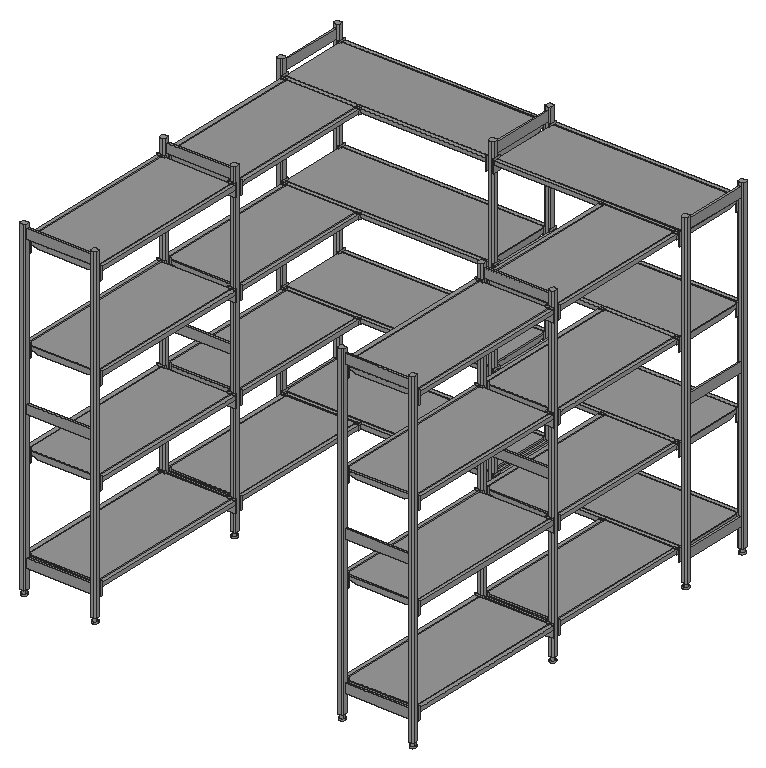
Revit family "QF_ELECTROLUXPROFESSIONAL_137097_CRS2020", category Attrezzature speciali, Revit 2020 (continued)
Definition of nested family "QF_708G"
  Dimensions and locks
    aligned and locked: Extrusion 1 to plane 7
    aligned and locked: plane 8 to Extrusion 1
    aligned and locked: Extrusion 1 sketch curve to Extrusion 1 sketch curve  (x2)
    aligned and locked: nested 1 to plane 18 "CXLeft"
    aligned and locked: nested 2 to plane 10
  Automatic sketch dimensions
    curve 2 to plane 4 "Left" = 0 mm
    curve 3 to plane 5 "Right" = 0 mm
    plane 7 to curve 1 = 0 mm
    plane 7 to curve 4 = 0 mm
    plane 7 to curve 5 = 0 mm
    plane 8 to curve 2 = 0 mm
    plane 8 to curve 1 = 0 mm
    plane 8 to curve 3 = 0 mm
    plane 21 "CYFront" to curve 5 = 1.5 mm
    plane 19 to curve 6 = 1.5 mm
    plane 7 to curve 3 = 4 mm
    plane 7 to curve 2 = 4 mm
    plane 12 to curve 4 = 4.493 mm
    curve 4 to plane 11 = 4.493 mm
    plane 5 "Right" to Extrusion 1 sketch curve = 0 mm  (x4)
    plane 4 "Left" to Extrusion 1 sketch curve = 0 mm  (x4)
    plane 21 "CYFront" to Extrusion 1 sketch curve = 1.5 mm  (x2)
    plane 19 to Extrusion 1 sketch curve = 1.5 mm  (x4)
    plane 14 to Extrusion 1 sketch curve = 7.998 mm  (x2)
    Extrusion 1 sketch curve to Extrusion 1 sketch curve = 17.997 mm  (x8)
    plane 15 to Extrusion 1 sketch curve = 7.998 mm  (x2)
    plane 16 to Extrusion 1 sketch curve = 7.998 mm  (x2)
    plane 17 to Extrusion 1 sketch curve = 7.998 mm  (x2)
    plane 21 "CYFront" to Extrusion 2 sketch curve = 3.5 mm  (x4)
    plane 19 to Extrusion 2 sketch curve = 3.493 mm  (x4)
    plane 14 to Extrusion 2 sketch curve = 19.496 mm
    Extrusion 2 sketch curve to Extrusion 2 sketch curve = 6.499 mm  (x4)
    plane 15 to Extrusion 2 sketch curve = 19.496 mm
    plane 16 to Extrusion 2 sketch curve = 19.496 mm
    plane 17 to Extrusion 2 sketch curve = 19.496 mm
  Nested families
    nested 1: "WT_Anta373B" at (-194.5, -132.5, 0) x (0, 1, 0) z (0, 0, 1), type "WT_Anta373B"
    nested 2: "WT_Aggancio373B" at (-194.5, 602.5, 0) x (0, 1, 0) z (0, 0, 1), type "WT_Aggancio373B"
  Definition of nested family "WT_Anta373B"
    Parameters
      WidthLeft = A + 64 mm  # 772 mm
      Width = 1606 mm
      Right = WidthLeft / 2  # 386 mm
      Default Elevation = 0 mm
      Left = -WidthLeft / 2  # -386 mm
      Height = 1590 mm
      FEET = 25 mm
      E = 0 mm
      Dint = Depth - 63 mm  # 310 mm
      Dext = Depth - 8 mm  # 365 mm
      Depth = 373 mm
      DX = (WidthLeft - A) / 2  # 32 mm
      B = 798 mm
      A = 708 mm
    Reference planes
      plane 1: z = 0
      plane 2 "LEFT": x = -417
      plane 3 "BACK": y = 23
      plane 4 "FRONT": y = -350
      plane 5 "TOP": z = 1590
      plane 6 "Center (Front/Back)": y = -163.5
      plane 7: y = -8.5
      plane 8: y = -318.5
      plane 9 "FEET": z = 25
      plane 10: z = 140
      plane 11: z = 590
      plane 12: z = 1040
      plane 13: z = 1490
      plane 14 "CXLeft": x = -403
      plane 15: y = 5.5
      plane 16 "CYBack": y = 5.5
      plane 17 "CYFront": y = -332.5
      plane 18: x = -385.031
      plane 19: x = -380.031
    Forms (mm)
      Extrusion 1, solid
        sketch origin (0, 0, 0) x (1, 0, 0) y (0, 1, 0)
          loop
            line (-417, 13.246) -> (-417, -2.246) -> (-410.746, -8.5) -> (-395.254, -8.5) -> (-389, -2.246) -> (-389, 13.246) -> (-395.254, 19.5) -> (-410.746, 19.5) -> (-417, 13.246)
        from 1590 to 25
      Extrusion 2, solid
        sketch origin (-417, 0, 0) x (0, 1, 0) y (0, 0, 1)
          loop
            line (23, 111.005) -> (23, 172.993) -> (-12.993, 172.993) -> (-12.993, 111.005) -> (23, 111.005)
          loop
            line (-350, 111.005) -> (-314.007, 111.005) -> (-314.007, 172.993) -> (-350, 172.993) -> (-350, 111.005)
          loop
            line (23, 561.005) -> (23, 622.993) -> (-12.993, 622.993) -> (-12.993, 561.005) -> (23, 561.005)
          loop
            line (-350, 561.005) -> (-314.007, 561.005) -> (-314.007, 622.993) -> (-350, 622.993) -> (-350, 561.005)
          loop
            line (23, 1011.005) -> (23, 1072.993) -> (-12.993, 1072.993) -> (-12.993, 1011.005) -> (23, 1011.005)
          loop
            line (-350, 1011.005) -> (-314.007, 1011.005) -> (-314.007, 1072.993) -> (-350, 1072.993) -> (-350, 1011.005)
          loop
            line (23, 1461.005) -> (23, 1522.993) -> (-12.993, 1522.993) -> (-12.993, 1461.005) -> (23, 1461.005)
          loop
            line (-350, 1461.005) -> (-314.007, 1461.005) -> (-314.007, 1522.993) -> (-350, 1522.993) -> (-350, 1461.005)
        from 28 to 32
      Revolve 3, solid
        sketch origin (-403, 0, 0) x (0, 1, 0) y (0, 0, 1)
          loop
            line (5.5, 25) -> (5.5, 0) -> (19, 0) -> (19, 5) -> (14, 5) -> (14, 25) -> (5.5, 25)
          axis (5.5, 25) -> (5.5, 0)
        angle from 0 to 360
      Extrusion 4, solid
        sketch origin (-403, 0, 0) x (0, 1, 0) y (0, 0, 1)
          loop
            line (-8.5, 777.382) -> (-8.5, 822.374) -> (-318.5, 822.374) -> (-318.5, 777.382) -> (-8.5, 777.382)
          loop
            line (-8.5, 1527.244) -> (-8.5, 1572.236) -> (-318.5, 1572.236) -> (-318.5, 1527.244) -> (-8.5, 1527.244)
        from -5 to 5
      Revolve 5, solid
        sketch origin (-403, -627, 0) x (0, -1, 0) y (0, 0, 1)
          loop
            line (-294.5, 25) -> (-294.5, 0) -> (-281, 0) -> (-281, 5) -> (-286, 5) -> (-286, 25) -> (-294.5, 25)
          axis (-294.5, 25) -> (-294.5, 0)
        angle from 0 to 360
      Extrusion 6, solid
        sketch origin (0, -627, 0) x (1, 0, 0) y (0, 1, 0)
          loop
            line (-417, 286.754) -> (-410.746, 280.5) -> (-395.254, 280.5) -> (-389, 286.754) -> (-389, 302.246) -> (-395.254, 308.5) -> (-410.746, 308.5) -> (-417, 302.246) -> (-417, 286.754)
        from 1590 to 25
      Extrusion 7, solid
        sketch origin (-417.031, -0.022, 0) x (0, 1, 0) y (0, 0, -1)
          loop
            line (-12, -1497.998) -> (-46, -1485.994) -> (-281, -1485.994) -> (-315, -1497.998) -> (-331, -1497.998) -> (-331, -1515.994) -> (-329, -1515.994) -> (-329, -1509.496) -> (2.007, -1509.496) -> (2.007, -1515.994) -> (4, -1515.994) -> (4, -1497.998) -> (-12, -1497.998)
          loop
            line (-12, -1047.998) -> (-46, -1035.994) -> (-281, -1035.994) -> (-315, -1047.998) -> (-331, -1047.998) -> (-331, -1065.994) -> (-329, -1065.994) -> (-329, -1059.496) -> (2.007, -1059.496) -> (2.007, -1065.994) -> (4, -1065.994) -> (4, -1047.998) -> (-12, -1047.998)
          loop
            line (-12, -597.998) -> (-46, -585.994) -> (-281, -585.994) -> (-315, -597.998) -> (-331, -597.998) -> (-331, -615.994) -> (-329, -615.994) -> (-329, -609.496) -> (2.007, -609.496) -> (2.007, -615.994) -> (4, -615.994) -> (4, -597.998) -> (-12, -597.998)
          loop
            line (-12, -147.998) -> (-46, -135.994) -> (-281, -135.994) -> (-315, -147.998) -> (-331, -147.998) -> (-331, -165.994) -> (-329, -165.994) -> (-329, -159.496) -> (2.007, -159.496) -> (2.007, -165.994) -> (4, -165.994) -> (4, -147.998) -> (-12, -147.998)
        from -32 to -37
      Extrusion 8, solid
        sketch origin (-403, 0, -659.878) x (0, 1, 0) y (0, 0, 1)
          loop
            line (-8.5, 777.382) -> (-8.5, 822.374) -> (-318.5, 822.374) -> (-318.5, 777.382) -> (-8.5, 777.382)
          loop
            line (-8.5, 1437.382) -> (-8.5, 1482.374) -> (-318.5, 1482.374) -> (-318.5, 1437.382) -> (-8.5, 1437.382)
          loop
            line (-8.5, 2187.382) -> (-8.5, 2232.374) -> (-318.5, 2232.374) -> (-318.5, 2187.382) -> (-8.5, 2187.382)
        from -5 to 5
    Lines and regions (mm)
      symbolic lines
        curve 1: line (-408, -8.5, 1590) -> (-408, -318.5, 1590)
        curve 2: line (-398, -318.5, 1590) -> (-398, -8.5, 1590)
        curve 3: line (-395.254, -8.5, 1590) -> (-410.746, -8.5, 1590)
        curve 4: line (-417, -2.246, 1590) -> (-410.746, -8.5, 1590)
        curve 5: line (-417, 13.246, 1590) -> (-417, -2.246, 1590)
        curve 6: line (-410.746, 19.5, 1590) -> (-417, 13.246, 1590)
        curve 7: line (-395.254, 19.5, 1590) -> (-410.746, 19.5, 1590)
        curve 8: line (-389, 13.246, 1590) -> (-395.254, 19.5, 1590)
        curve 9: line (-395.254, -8.5, 1590) -> (-389, -2.246, 1590)
        curve 10: line (-395.254, -318.5, 1590) -> (-410.746, -318.5, 1590)
        curve 11: line (-417, -324.754, 1590) -> (-410.746, -318.5, 1590)
        curve 12: line (-410.746, -346.5, 1590) -> (-417, -340.246, 1590)
        curve 13: line (-395.254, -346.5, 1590) -> (-410.746, -346.5, 1590)
        curve 14: line (-389, -340.246, 1590) -> (-395.254, -346.5, 1590)
        curve 15: line (-395.254, -318.5, 1590) -> (-389, -324.754, 1590)
        curve 16: line (-389, -350, 1590) -> (-389, -314.007, 1590)
        curve 17: line (-389, -314.007, 1590) -> (-385, -314.007, 1590)
        curve 18: line (-389, 23, 1590) -> (-389, -12.993, 1590)
        curve 19: line (-389, -12.993, 1590) -> (-385, -12.993, 1590)
        curve 20: line (-417, -324.754, 1590) -> (-417, -340.246, 1590)
        curve 21: line (-385, -350, 1590) -> (-385, -314.007, 1590)
        curve 22: line (-385, -350, 1590) -> (-389, -350, 1590)
        curve 23: line (-385, 23, 1590) -> (-389, 23, 1590)
        curve 24: line (-385, -12.993, 1590) -> (-385, 23, 1590)
        curve 25: line (-385.031, -13.016, 1725) -> (-385.031, -314.029, 1725)
    Dimensions and locks
      "Depth": plane 3 "BACK" to plane 4 "FRONT"
      "Dint": plane 7 to plane 8
      equal spacing: plane 7, plane 6 "Center (Front/Back)", plane 8
      equal spacing: plane 3 "BACK", plane 6 "Center (Front/Back)", plane 4 "FRONT"
      plane 9 "FEET" to level = 25 mm
      plane 10 to plane 9 "FEET" = 115 mm
      plane 11 to plane 10 = 450 mm
      plane 12 to plane 11 = 450 mm
      plane 13 to plane 12 = 450 mm
      locked: plane 2 "LEFT" to plane 14 "CXLeft" at 14
      locked: plane 3 "BACK" to plane 16 "CYBack" at 17.5
      locked: plane 17 "CYFront" to plane 4 "FRONT" at 17.5
      locked: Revolve 3 sketch curve to Revolve 3 sketch curve at 8.5
      locked: Revolve 3 sketch curve to plane 16 "CYBack" at 13.5
      locked: Revolve 5 sketch curve to Revolve 5 sketch curve at 8.5
      plane 10 to level = 140 mm
      plane 11 to level = 590 mm
      plane 12 to level = 1040 mm
      plane 13 to level = 1490 mm
      "Height": plane 5 "TOP" to level
      aligned and locked: level to plane 1
      aligned and locked: curve 20 to Extrusion 6
      aligned and locked: plane 5 "TOP" to Extrusion 1
      aligned and locked: plane 5 "TOP" to Extrusion 6
      aligned and locked: Extrusion 7 sketch curve to Extrusion 7 sketch curve  (x3)
    Automatic sketch dimensions
      curve 16 to plane 4 "FRONT" = 0 mm
      curve 11 to plane 8 = 0 mm
      curve 9 to plane 7 = 0 mm
      curve 5 to plane 2 "LEFT" = 0 mm
      curve 23 to plane 3 "BACK" = 0 mm
      plane 4 "FRONT" to curve 13 = 3.5 mm
      curve 20 to plane 17 "CYFront" = 7.746 mm
      curve 20 to plane 8 = 6.254 mm
      plane 8 to curve 16 = 4.493 mm
      curve 24 to plane 18 = 0.031 mm
      curve 24 to plane 7 = 4.493 mm
      plane 7 to curve 5 = 6.254 mm
      curve 5 to plane 15 = 7.746 mm
      curve 6 to plane 3 "BACK" = 3.5 mm
      curve 21 to plane 18 = 0.031 mm
      plane 18 to curve 23 = 3.969 mm
      plane 18 to curve 16 = 3.969 mm
      curve 18 to curve 8 = 6.254 mm
      curve 18 to curve 3 = 6.254 mm
      curve 16 to curve 13 = 6.254 mm
      curve 16 to curve 15 = 6.254 mm
      plane 2 "LEFT" to curve 10 = 6.254 mm
      plane 2 "LEFT" to curve 7 = 6.254 mm
      plane 2 "LEFT" to curve 12 = 6.254 mm
      plane 2 "LEFT" to curve 3 = 6.254 mm
      curve 14 to plane 17 "CYFront" = 7.746 mm
      curve 15 to plane 8 = 6.254 mm
      plane 7 to curve 9 = 6.254 mm
      curve 8 to plane 15 = 7.746 mm
      curve 3 to curve 2 = 2.746 mm
      curve 1 to curve 10 = 2.746 mm
      Extrusion 1 sketch curve to plane 2 "LEFT" = 0 mm
      Extrusion 1 sketch curve to plane 7 = 0 mm
      plane 2 "LEFT" to Extrusion 1 sketch curve = 6.254 mm  (x2)
      plane 14 "CXLeft" to Extrusion 1 sketch curve = 7.746 mm  (x2)
      Extrusion 1 sketch curve to plane 3 "BACK" = 3.5 mm
      plane 18 to Extrusion 1 sketch curve = 3.969 mm
      plane 7 to Extrusion 1 sketch curve = 6.254 mm  (x2)
      Extrusion 1 sketch curve to plane 15 = 7.746 mm  (x2)
      Extrusion 2 sketch curve to plane 4 "FRONT" = 0 mm  (x4)
      Extrusion 2 sketch curve to plane 3 "BACK" = 0 mm  (x4)
      plane 8 to Extrusion 2 sketch curve = 4.493 mm  (x4)
      Extrusion 2 sketch curve to plane 7 = 4.493 mm  (x4)
      Extrusion 2 sketch curve to plane 10 = 28.995 mm  (x2)
      plane 10 to Extrusion 2 sketch curve = 32.993 mm  (x2)
      Extrusion 2 sketch curve to plane 11 = 28.995 mm  (x2)
      plane 11 to Extrusion 2 sketch curve = 32.993 mm  (x2)
      Extrusion 2 sketch curve to plane 12 = 28.995 mm  (x2)
      plane 12 to Extrusion 2 sketch curve = 32.993 mm  (x2)
      Extrusion 2 sketch curve to plane 13 = 28.995 mm  (x2)
      plane 13 to Extrusion 2 sketch curve = 32.993 mm  (x2)
      Revolve 3 sketch curve to plane 9 "FEET" = 0 mm  (x2)
      Revolve 3 sketch curve to plane 15 = 0 mm  (x2)
      Revolve 3 sketch curve to level = 0 mm
      level to Revolve 3 sketch curve = 5 mm
      Revolve 3 sketch curve to Revolve 3 sketch curve = 11.655 mm
      Extrusion 4 sketch curve to plane 8 = 0 mm  (x2)
      Extrusion 4 sketch curve to plane 7 = 0 mm  (x2)
      plane 11 to Extrusion 4 sketch curve = 187.382 mm
      Extrusion 4 sketch curve to Extrusion 4 sketch curve = 44.992 mm
      plane 13 to Extrusion 4 sketch curve = 37.244 mm
      Extrusion 4 sketch curve to plane 5 "TOP" = 17.764 mm
      Revolve 5 sketch curve to plane 9 "FEET" = 0 mm  (x2)
      Revolve 5 sketch curve to plane 17 "CYFront" = 0 mm  (x2)
      Revolve 5 sketch curve to level = 0 mm
      Revolve 5 sketch curve to plane 4 "FRONT" = 4 mm
      Revolve 5 sketch curve to Revolve 5 sketch curve = 5 mm
      level to Revolve 5 sketch curve = 11.655 mm
      Extrusion 6 sketch curve to plane 2 "LEFT" = 0 mm
      Extrusion 6 sketch curve to plane 8 = 0 mm
      Extrusion 6 sketch curve to plane 2 "LEFT" = 6.254 mm  (x2)
      Extrusion 6 sketch curve to plane 14 "CXLeft" = 7.746 mm  (x2)
      Extrusion 6 sketch curve to plane 4 "FRONT" = 3.5 mm
      Extrusion 6 sketch curve to plane 18 = 3.969 mm
      plane 8 to Extrusion 6 sketch curve = 6.254 mm  (x2)
      plane 17 "CYFront" to Extrusion 6 sketch curve = 7.746 mm  (x2)
      plane 17 "CYFront" to Extrusion 7 sketch curve = 1.478 mm  (x4)
      Extrusion 7 sketch curve to Extrusion 7 sketch curve = 2 mm
      plane 8 to Extrusion 7 sketch curve = 3.478 mm  (x4)
      Extrusion 7 sketch curve to plane 10 = 4.006 mm
      Extrusion 7 sketch curve to Extrusion 7 sketch curve = 34 mm  (x4)
      Extrusion 7 sketch curve to plane 11 = 4.006 mm
      Extrusion 7 sketch curve to plane 12 = 4.006 mm
      Extrusion 7 sketch curve to plane 13 = 4.006 mm
      Extrusion 7 sketch curve to plane 7 = 37.522 mm  (x4)
      Extrusion 7 sketch curve to plane 7 = 3.522 mm  (x4)
      plane 15 to Extrusion 7 sketch curve = 3.516 mm  (x4)
      plane 15 to Extrusion 7 sketch curve = 1.522 mm  (x4)
      plane 13 to Extrusion 7 sketch curve = 7.998 mm  (x2)
      Extrusion 7 sketch curve to Extrusion 7 sketch curve = 11.498 mm
      Extrusion 7 sketch curve to Extrusion 7 sketch curve = 6.499 mm  (x5)
      plane 12 to Extrusion 7 sketch curve = 25.994 mm  (x2)
      plane 12 to Extrusion 7 sketch curve = 7.998 mm  (x2)
      plane 11 to Extrusion 7 sketch curve = 25.994 mm  (x2)
      plane 11 to Extrusion 7 sketch curve = 7.998 mm  (x2)
      plane 10 to Extrusion 7 sketch curve = 25.994 mm  (x2)
      plane 10 to Extrusion 7 sketch curve = 7.998 mm  (x2)
      curve 25 to plane 18 = 0 mm
      plane 8 to curve 25 = 4.471 mm
      curve 25 to plane 7 = 4.516 mm
      Extrusion 8 sketch curve to plane 8 = 0 mm  (x3)
      Extrusion 8 sketch curve to plane 7 = 0 mm  (x3)
      Extrusion 8 sketch curve to plane 10 = 22.496 mm
      plane 10 to Extrusion 8 sketch curve = 22.496 mm
      plane 11 to Extrusion 8 sketch curve = 187.504 mm
      Extrusion 8 sketch curve to Extrusion 8 sketch curve = 44.992 mm
      plane 13 to Extrusion 8 sketch curve = 37.504 mm
      Extrusion 8 sketch curve to plane 5 "TOP" = 17.504 mm
  Definition of nested family "WT_Aggancio373B"
    Parameters
      WidthLeft = A + 64 mm  # 772 mm
      Width = 1606 mm
      Right = WidthLeft / 2  # 386 mm
      Default Elevation = 0 mm
      Left = -WidthLeft / 2  # -386 mm
      Height = 1590 mm
      FEET = 25 mm
      E = 0 mm
      Dint = Depth - 63 mm  # 310 mm
      Dext = Depth - 8 mm  # 365 mm
      Depth = 373 mm
      DX = (WidthLeft - A) / 2  # 32 mm
      B = 798 mm
      A = 708 mm
    Reference planes
      plane 1: z = 0
      plane 2 "LEFT": x = -417
      plane 3 "BACK": y = 23
      plane 4 "FRONT": y = -350
      plane 5 "TOP": z = 1590
      plane 6 "Center (Front/Back)": y = -163.5
      plane 7: y = -8.5
      plane 8: y = -318.5
      plane 9 "FEET": z = 25
      plane 10: z = 140
      plane 11: z = 590
      plane 12: z = 1040
      plane 13: z = 1490
      plane 14: y = 5.5
      plane 15 "CYBack": y = 5.5
      plane 16 "CYFront": y = -332.5
    Forms (mm)
      Extrusion 1, solid
        sketch origin (-380, -0.022, 0) x (0, 1, 0) y (0, 0, 1)
          loop
            line (-12, 1497.998) -> (4, 1497.998) -> (4, 1515.994) -> (2.007, 1515.994) -> (2.007, 1509.496) -> (-329, 1509.496) -> (-329, 1515.994) -> (-331, 1515.994) -> (-331, 1497.998) -> (-315, 1497.998) -> (-281, 1485.994) -> (-46, 1485.994) -> (-12, 1497.998)
          loop
            line (-12, 1047.998) -> (4, 1047.998) -> (4, 1065.994) -> (2.007, 1065.994) -> (2.007, 1059.496) -> (-329, 1059.496) -> (-329, 1065.994) -> (-331, 1065.994) -> (-331, 1047.998) -> (-315, 1047.998) -> (-281, 1035.994) -> (-46, 1035.994) -> (-12, 1047.998)
          loop
            line (-12, 597.998) -> (4, 597.998) -> (4, 615.994) -> (2.007, 615.994) -> (2.007, 609.496) -> (-329, 609.496) -> (-329, 615.994) -> (-331, 615.994) -> (-331, 597.998) -> (-315, 597.998) -> (-281, 585.994) -> (-46, 585.994) -> (-12, 597.998)
          loop
            line (-12, 147.998) -> (4, 147.998) -> (4, 165.994) -> (2.007, 165.994) -> (2.007, 159.496) -> (-329, 159.496) -> (-329, 165.994) -> (-331, 165.994) -> (-331, 147.998) -> (-315, 147.998) -> (-281, 135.994) -> (-46, 135.994) -> (-12, 147.998)
        from -32 to -37
      Extrusion 2, solid
        sketch origin (-793.062, -324.754, 6.5) x (1, 0, 0) y (0, 0, 1)
          loop
            line (385.062, 1509.496) -> (385.062, 1512.496) -> (376.062, 1512.496) -> (376.062, 1485.994) -> (390.031, 1485.994) -> (390.031, 1491.496) -> (381.062, 1491.496) -> (381.062, 1509.496) -> (385.062, 1509.496)
          loop
            line (385.062, 1059.496) -> (385.062, 1062.496) -> (376.062, 1062.496) -> (376.062, 1035.994) -> (390.031, 1035.994) -> (390.031, 1041.496) -> (381.062, 1041.496) -> (381.062, 1059.496) -> (385.062, 1059.496)
          loop
            line (385.062, 609.496) -> (385.062, 612.496) -> (376.062, 612.496) -> (376.062, 585.994) -> (390.031, 585.994) -> (390.031, 591.496) -> (381.062, 591.496) -> (381.062, 609.496) -> (385.062, 609.496)
          loop
            line (385.062, 159.496) -> (385.062, 162.496) -> (376.062, 162.496) -> (376.062, 135.994) -> (390.031, 135.994) -> (390.031, 141.496) -> (381.062, 141.496) -> (381.062, 159.496) -> (385.062, 159.496)
        from 6.268 to 25.246
      Extrusion 3, solid
        sketch origin (-793.062, 32.754, 6.5) x (1, 0, 0) y (0, 0, 1)
          loop
            line (385.062, 1509.496) -> (385.062, 1512.496) -> (376.062, 1512.496) -> (376.062, 1485.994) -> (390.031, 1485.994) -> (390.031, 1491.496) -> (381.062, 1491.496) -> (381.062, 1509.496) -> (385.062, 1509.496)
          loop
            line (385.062, 1059.496) -> (385.062, 1062.496) -> (376.062, 1062.496) -> (376.062, 1035.994) -> (390.031, 1035.994) -> (390.031, 1041.496) -> (381.062, 1041.496) -> (381.062, 1059.496) -> (385.062, 1059.496)
          loop
            line (385.062, 609.496) -> (385.062, 612.496) -> (376.062, 612.496) -> (376.062, 585.994) -> (390.031, 585.994) -> (390.031, 591.496) -> (381.062, 591.496) -> (381.062, 609.496) -> (385.062, 609.496)
          loop
            line (385.062, 159.496) -> (385.062, 162.496) -> (376.062, 162.496) -> (376.062, 135.994) -> (390.031, 135.994) -> (390.031, 141.496) -> (381.062, 141.496) -> (381.062, 159.496) -> (385.062, 159.496)
        from 9.754 to 28.776
    Lines and regions (mm)
      symbolic lines
        curve 1: line (-412, -350, 0) -> (-408, -350, 0)
        curve 2: line (-412, -331.022, 0) -> (-412, -350, 0)
        curve 3: line (-408, -331.022, 0) -> (-412, -331.022, 0)
        curve 4: line (-408, -350, 0) -> (-408, -331.022, 0)
        curve 5: line (-412, 3.978, 0) -> (-408, 3.978, 0)
        curve 6: line (-412, 23, 0) -> (-412, 3.978, 0)
        curve 7: line (-408, 23, 0) -> (-412, 23, 0)
        curve 8: line (-408, 3.978, 0) -> (-408, 23, 0)
    Dimensions and locks
      "Height": plane 5 "TOP" to level
      "Depth": plane 3 "BACK" to plane 4 "FRONT"
      "Dint": plane 7 to plane 8
      equal spacing: plane 7, plane 6 "Center (Front/Back)", plane 8
      equal spacing: plane 3 "BACK", plane 6 "Center (Front/Back)", plane 4 "FRONT"
      plane 9 "FEET" to level = 25 mm
      plane 10 to plane 9 "FEET" = 115 mm
      locked: plane 11 to plane 10 at 450
      locked: plane 12 to plane 11 at 450
      locked: plane 13 to plane 12 at 450
      locked: plane 3 "BACK" to plane 15 "CYBack" at 17.5
      locked: plane 16 "CYFront" to plane 4 "FRONT" at 17.5
      aligned and locked: level to plane 1
      aligned and locked: Extrusion 1 sketch curve to Extrusion 1 sketch curve  (x3)
    Automatic sketch dimensions
      plane 16 "CYFront" to Extrusion 1 sketch curve = 1.478 mm  (x4)
      Extrusion 1 sketch curve to Extrusion 1 sketch curve = 2 mm
      plane 8 to Extrusion 1 sketch curve = 3.478 mm  (x4)
      Extrusion 1 sketch curve to plane 10 = 4.006 mm
      Extrusion 1 sketch curve to Extrusion 1 sketch curve = 34 mm  (x4)
      Extrusion 1 sketch curve to plane 11 = 4.006 mm
      Extrusion 1 sketch curve to plane 12 = 4.006 mm
      Extrusion 1 sketch curve to plane 13 = 4.006 mm
      Extrusion 1 sketch curve to plane 7 = 37.522 mm  (x4)
      Extrusion 1 sketch curve to plane 7 = 3.522 mm  (x4)
      plane 14 to Extrusion 1 sketch curve = 3.516 mm  (x4)
      plane 14 to Extrusion 1 sketch curve = 1.522 mm  (x4)
      plane 10 to Extrusion 1 sketch curve = 7.998 mm  (x2)
      Extrusion 1 sketch curve to Extrusion 1 sketch curve = 11.498 mm  (x4)
      Extrusion 1 sketch curve to Extrusion 1 sketch curve = 6.499 mm  (x8)
      plane 11 to Extrusion 1 sketch curve = 7.998 mm  (x2)
      plane 12 to Extrusion 1 sketch curve = 7.998 mm  (x2)
      plane 13 to Extrusion 1 sketch curve = 7.998 mm  (x2)
      plane 2 "LEFT" to Extrusion 2 sketch curve = 0 mm  (x4)
      plane 13 to Extrusion 2 sketch curve = 7.996 mm
      plane 11 to Extrusion 2 sketch curve = 7.996 mm
      Extrusion 2 sketch curve to Extrusion 2 sketch curve = 5 mm  (x4)
      plane 11 to Extrusion 2 sketch curve = 2.494 mm
      plane 10 to Extrusion 2 sketch curve = 28.996 mm
      Extrusion 2 sketch curve to Extrusion 2 sketch curve = 3 mm  (x4)
      plane 10 to Extrusion 2 sketch curve = 7.996 mm
      plane 10 to Extrusion 2 sketch curve = 2.494 mm
      Extrusion 2 sketch curve to Extrusion 2 sketch curve = 18 mm  (x3)
      plane 12 to Extrusion 2 sketch curve = 2.494 mm
      plane 12 to Extrusion 2 sketch curve = 7.996 mm
      plane 13 to Extrusion 2 sketch curve = 2.494 mm
      plane 2 "LEFT" to Extrusion 3 sketch curve = 0 mm  (x4)
      plane 13 to Extrusion 3 sketch curve = 7.996 mm
      plane 11 to Extrusion 3 sketch curve = 7.996 mm
      Extrusion 3 sketch curve to Extrusion 3 sketch curve = 5 mm  (x4)
      plane 11 to Extrusion 3 sketch curve = 2.494 mm
      plane 10 to Extrusion 3 sketch curve = 28.996 mm
      Extrusion 3 sketch curve to Extrusion 3 sketch curve = 3 mm  (x4)
      plane 10 to Extrusion 3 sketch curve = 7.996 mm
      plane 10 to Extrusion 3 sketch curve = 2.494 mm
      Extrusion 3 sketch curve to Extrusion 3 sketch curve = 18 mm  (x3)
      plane 12 to Extrusion 3 sketch curve = 2.494 mm
      plane 12 to Extrusion 3 sketch curve = 7.996 mm
      plane 13 to Extrusion 3 sketch curve = 2.494 mm
      plane 2 "LEFT" to curve 1 = 5 mm
      plane 2 "LEFT" to curve 7 = 5 mm
      curve 1 to plane 16 "CYFront" = 17.5 mm
      curve 3 to plane 8 = 12.522 mm
      plane 7 to curve 5 = 12.478 mm
      curve 7 to plane 14 = 17.5 mm
      curve 5 to curve 5 = 4 mm
      curve 1 to curve 4 = 4 mm
      Extrusion 2 sketch curve to Extrusion 2 sketch curve = 4 mm  (x4)
      Extrusion 2 sketch curve to Extrusion 2 sketch curve = 8.969 mm  (x4)
      Extrusion 3 sketch curve to Extrusion 3 sketch curve = 4 mm  (x4)
      Extrusion 3 sketch curve to Extrusion 3 sketch curve = 8.969 mm  (x4)
Definition of nested family "QF_798"
  Parameters
    Default Elevation = 0 mm
    Model = "137011"
    Manufacturer = "Electrolux Professional"
    Description = ""
  Reference planes
    plane 1: z = 0
    plane 2 "Center (Left/Right)": x = -31
    plane 3 "LEFT": x = -462
    plane 4 "RIGHT": x = 400
    plane 5 "BACK": y = 23
    plane 6 "FRONT": y = -350
    plane 7 "TOP": z = 1700
    plane 8: x = 395
    plane 9: x = -430
    plane 10: x = 368
    plane 11 "Center (Front/Back)": y = -163.5
    plane 12: x = 363
    plane 13: y = -8.5
    plane 14: y = -318.5
    plane 15 "FEET": z = 25
    plane 16: z = 140
    plane 17: z = 590
    plane 18: z = 1040
    plane 19: z = 1490
    plane 20 "CXLeft": x = -448
    plane 21 "CXRight": x = 386
    plane 22: y = 5.5
    plane 23 "CYBack": y = 5.5
    plane 24 "CYFront": y = -332.5
  Forms (mm)
    Extrusion 1, solid
      sketch origin (-462, 0, 0) x (0, 1, 0) y (0, 0, 1)
        loop
          line (4, 1515.994) -> (4, 1497.998) -> (23, 1497.998) -> (23, 1515.994) -> (4, 1515.994)
        loop
          line (-331, 1515.994) -> (-350, 1515.994) -> (-350, 1497.998) -> (-331, 1497.998) -> (-331, 1515.994)
        loop
          line (4, 1065.994) -> (4, 1047.998) -> (23, 1047.998) -> (23, 1065.994) -> (4, 1065.994)
        loop
          line (-331, 1065.994) -> (-350, 1065.994) -> (-350, 1047.998) -> (-331, 1047.998) -> (-331, 1065.994)
        loop
          line (4, 615.994) -> (4, 597.998) -> (23, 597.998) -> (23, 615.994) -> (4, 615.994)
        loop
          line (-331, 615.994) -> (-350, 615.994) -> (-350, 597.998) -> (-331, 597.998) -> (-331, 615.994)
        loop
          line (4, 165.994) -> (4, 147.998) -> (23, 147.998) -> (23, 165.994) -> (4, 165.994)
        loop
          line (-331, 165.994) -> (-350, 165.994) -> (-350, 147.998) -> (-331, 147.998) -> (-331, 165.994)
      from 32 to 830
    Extrusion 2, solid
      sketch origin (-462, 0, 135) x (0, 1, 0) y (0, 0, 1)
        loop
          line (2.007, 1380.994) -> (-329, 1380.994) -> (-329, 1374.496) -> (2.007, 1374.496) -> (2.007, 1380.994)
        loop
          line (2.007, 930.994) -> (-329, 930.994) -> (-329, 924.496) -> (2.007, 924.496) -> (2.007, 930.994)
        loop
          line (2.007, 480.994) -> (-329, 480.994) -> (-329, 474.496) -> (2.007, 474.496) -> (2.007, 480.994)
        loop
          line (2.007, 30.994) -> (-329, 30.994) -> (-329, 24.496) -> (2.007, 24.496) -> (2.007, 30.994)
      from 32 to 830
    Extrusion 3, solid
      sketch origin (400, 0, 135) x (0, 1, 0) y (0, 0, 1)
        loop
          line (-12, 1362.998) -> (4, 1362.998) -> (4, 1380.994) -> (2.007, 1380.994) -> (2.007, 1374.496) -> (-329, 1374.496) -> (-329, 1380.994) -> (-331, 1380.994) -> (-331, 1362.998) -> (-315, 1362.998) -> (-281, 1350.994) -> (-46, 1350.994) -> (-12, 1362.998)
        loop
          line (-12, 912.998) -> (4, 912.998) -> (4, 930.994) -> (2.007, 930.994) -> (2.007, 924.496) -> (-329, 924.496) -> (-329, 930.994) -> (-331, 930.994) -> (-331, 912.998) -> (-315, 912.998) -> (-281, 900.994) -> (-46, 900.994) -> (-12, 912.998)
        loop
          line (-12, 462.998) -> (4, 462.998) -> (4, 480.994) -> (2.007, 480.994) -> (2.007, 474.496) -> (-329, 474.496) -> (-329, 480.994) -> (-331, 480.994) -> (-331, 462.998) -> (-315, 462.998) -> (-281, 450.994) -> (-46, 450.994) -> (-12, 462.998)
        loop
          line (-12, 12.998) -> (4, 12.998) -> (4, 30.994) -> (2.007, 30.994) -> (2.007, 24.496) -> (-329, 24.496) -> (-329, 30.994) -> (-331, 30.994) -> (-331, 12.998) -> (-315, 12.998) -> (-281, 0.994) -> (-46, 0.994) -> (-12, 12.998)
      from -32 to -37
  Lines and regions (mm)
    symbolic lines
      curve 1: line (368, 4, 1700) -> (-430, 4, 1700)
      curve 2: line (-434, 23, 1700) -> (372, 23, 1700)
      curve 3: line (372, 13.246, 1700) -> (378.254, 19.5, 1700)
      curve 4: line (378.254, -8.5, 1700) -> (372, -2.246, 1700)
      curve 5: line (378.254, -318.5, 1700) -> (372, -324.754, 1700)
      curve 6: line (-434, -350, 1700) -> (372, -350, 1700)
      curve 7: line (372, 23, 1700) -> (372, -12.993, 1700)
      curve 8: line (372, -12.993, 1700) -> (368, -12.993, 1700)
      curve 9: line (372, -350, 1700) -> (372, -314.007, 1700)
      curve 10: line (372, -314.007, 1700) -> (368, -314.007, 1700)
      curve 11: line (-430, -12.993, 1700) -> (-430, -314.007, 1700)
      curve 12: line (-430, -331, 1700) -> (368, -331, 1700)
      curve 13: line (368, -12.993, 1700) -> (368, -314.007, 1700)
  Dimensions and locks
    locked: plane 3 "LEFT" to plane 4 "RIGHT" at 862
    equal spacing: plane 3 "LEFT", plane 2 "Center (Left/Right)", plane 4 "RIGHT"
    locked: plane 7 "TOP" to level at 1700
    locked: plane 5 "BACK" to plane 6 "FRONT" at 373
    locked: plane 4 "RIGHT" to plane 8 at 5
    locked: plane 9 to plane 10 at 798
    locked: plane 3 "LEFT" to plane 9 at 32
    plane 12 to plane 10 = 5 mm
    locked: plane 13 to plane 14 at 310
    equal spacing: plane 13, plane 11 "Center (Front/Back)", plane 14
    equal spacing: plane 5 "BACK", plane 11 "Center (Front/Back)", plane 6 "FRONT"
    plane 15 "FEET" to level = 25 mm
    plane 7 "TOP" to plane 15 "FEET" = 1675 mm
    plane 17 to plane 16 = 450 mm
    plane 18 to plane 17 = 450 mm
    plane 19 to plane 18 = 450 mm
    locked: plane 3 "LEFT" to plane 20 "CXLeft" at 14
    locked: plane 21 "CXRight" to plane 4 "RIGHT" at 14
    locked: plane 5 "BACK" to plane 23 "CYBack" at 17.5
    locked: plane 24 "CYFront" to plane 6 "FRONT" at 17.5
    plane 16 to level = 140 mm
    plane 17 to level = 590 mm
    plane 18 to level = 1040 mm
    plane 19 to level = 1490 mm
    aligned and locked: level to plane 1
    aligned and locked: plane 9 to Extrusion 2
    aligned and locked: Extrusion 2 to plane 10
    aligned and locked: plane 9 to Extrusion 1
    aligned and locked: Extrusion 1 to plane 10
    aligned and locked: Extrusion 1 sketch curve to Extrusion 1 sketch curve  (x2)
    aligned and locked: Extrusion 3 sketch curve to Extrusion 3 sketch curve  (x3)
    aligned and locked: Extrusion 3 to plane 12
    aligned and locked: Extrusion 3 to plane 10
    aligned and locked: plane 20 "CXLeft" to nested 1
    aligned and locked: plane 21 "CXRight" to nested 2
  Automatic sketch dimensions
    Extrusion 1 sketch curve to plane 6 "FRONT" = 0 mm  (x4)
    Extrusion 1 sketch curve to plane 5 "BACK" = 0 mm  (x4)
    plane 24 "CYFront" to Extrusion 1 sketch curve = 1.5 mm  (x2)
    plane 22 to Extrusion 1 sketch curve = 1.5 mm  (x4)
    plane 16 to Extrusion 1 sketch curve = 7.998 mm  (x2)
    Extrusion 1 sketch curve to Extrusion 1 sketch curve = 17.997 mm  (x8)
    plane 17 to Extrusion 1 sketch curve = 7.998 mm  (x2)
    plane 18 to Extrusion 1 sketch curve = 7.998 mm  (x2)
    plane 19 to Extrusion 1 sketch curve = 7.998 mm  (x2)
    plane 24 "CYFront" to Extrusion 2 sketch curve = 3.5 mm  (x4)
    plane 22 to Extrusion 2 sketch curve = 3.493 mm  (x4)
    plane 16 to Extrusion 2 sketch curve = 19.496 mm
    Extrusion 2 sketch curve to Extrusion 2 sketch curve = 6.499 mm  (x4)
    plane 17 to Extrusion 2 sketch curve = 19.496 mm
    plane 18 to Extrusion 2 sketch curve = 19.496 mm
    plane 19 to Extrusion 2 sketch curve = 19.496 mm
    plane 24 "CYFront" to Extrusion 3 sketch curve = 1.5 mm  (x4)
    Extrusion 3 sketch curve to Extrusion 3 sketch curve = 2 mm
    plane 14 to Extrusion 3 sketch curve = 3.5 mm  (x4)
    Extrusion 3 sketch curve to plane 16 = 4.006 mm
    Extrusion 3 sketch curve to Extrusion 3 sketch curve = 34 mm  (x4)
    Extrusion 3 sketch curve to plane 17 = 4.006 mm
    Extrusion 3 sketch curve to plane 18 = 4.006 mm
    Extrusion 3 sketch curve to plane 19 = 4.006 mm
    Extrusion 3 sketch curve to plane 13 = 37.5 mm  (x4)
    Extrusion 3 sketch curve to plane 13 = 3.5 mm  (x4)
    plane 22 to Extrusion 3 sketch curve = 3.493 mm  (x4)
    plane 22 to Extrusion 3 sketch curve = 1.5 mm  (x4)
    plane 16 to Extrusion 3 sketch curve = 7.998 mm  (x2)
    Extrusion 3 sketch curve to Extrusion 3 sketch curve = 11.498 mm  (x4)
    Extrusion 3 sketch curve to Extrusion 3 sketch curve = 6.499 mm  (x8)
    plane 17 to Extrusion 3 sketch curve = 7.998 mm  (x2)
    plane 18 to Extrusion 3 sketch curve = 7.998 mm  (x2)
    plane 19 to Extrusion 3 sketch curve = 7.998 mm  (x2)
    curve 6 to plane 6 "FRONT" = 0 mm
    curve 12 to plane 9 = 0 mm
    curve 12 to plane 10 = 0 mm
    curve 5 to plane 14 = 0 mm
    curve 11 to plane 9 = 0 mm
    curve 8 to plane 10 = 0 mm
    curve 4 to plane 13 = 0 mm
    curve 1 to plane 9 = 0 mm
    curve 1 to plane 10 = 0 mm
    curve 2 to plane 5 "BACK" = 0 mm
    plane 14 to curve 10 = 4.493 mm
    curve 7 to plane 13 = 4.493 mm
    curve 10 to plane 10 = 4 mm
    curve 7 to plane 10 = 4 mm
    plane 24 "CYFront" to curve 12 = 1.5 mm
    curve 5 to plane 14 = 6.254 mm
    plane 14 to curve 11 = 4.493 mm
    curve 11 to plane 13 = 4.493 mm
    plane 13 to curve 4 = 6.254 mm
    plane 22 to curve 1 = 1.5 mm
    curve 3 to plane 22 = 7.746 mm
    curve 3 to plane 5 "BACK" = 3.5 mm
    curve 5 to curve 9 = 6.254 mm
    curve 3 to curve 2 = 6.254 mm
    curve 4 to curve 7 = 6.254 mm
    plane 9 to curve 2 = 4 mm
    plane 9 to curve 6 = 4 mm
  Nested families
    nested 1: "WT_Anta373B" at (-45, 0, 0), type "WT_Anta373B"
    nested 2: "WT_Anta373B" at (-17, 0, 0) x (-1, 0, 0) z (0, 0, 1), type "WT_Anta373B"
  Definition of nested family "WT_Anta373B"
    Parameters
      WidthLeft = A + 64 mm  # 772 mm
      Width = 1606 mm
      Right = WidthLeft / 2  # 386 mm
      Default Elevation = 0 mm
      Left = -WidthLeft / 2  # -386 mm
      Height = 1590 mm
      FEET = 25 mm
      E = 0 mm
      Dint = Depth - 63 mm  # 310 mm
      Dext = Depth - 8 mm  # 365 mm
      Depth = 373 mm
      DX = (WidthLeft - A) / 2  # 32 mm
      B = 798 mm
      A = 708 mm
    Reference planes
      plane 1: z = 0
      plane 2 "LEFT": x = -417
      plane 3 "BACK": y = 23
      plane 4 "FRONT": y = -350
      plane 5 "TOP": z = 1590
      plane 6 "Center (Front/Back)": y = -163.5
      plane 7: y = -8.5
      plane 8: y = -318.5
      plane 9 "FEET": z = 25
      plane 10: z = 140
      plane 11: z = 590
      plane 12: z = 1040
      plane 13: z = 1490
      plane 14 "CXLeft": x = -403
      plane 15: y = 5.5
      plane 16 "CYBack": y = 5.5
      plane 17 "CYFront": y = -332.5
      plane 18: x = -385.031
      plane 19: x = -380.031
    Forms (mm)
      Extrusion 1, solid
        sketch origin (0, 0, 0) x (1, 0, 0) y (0, 1, 0)
          loop
            line (-417, 13.246) -> (-417, -2.246) -> (-410.746, -8.5) -> (-395.254, -8.5) -> (-389, -2.246) -> (-389, 13.246) -> (-395.254, 19.5) -> (-410.746, 19.5) -> (-417, 13.246)
        from 1590 to 25
      Extrusion 2, solid
        sketch origin (-417, 0, 0) x (0, 1, 0) y (0, 0, 1)
          loop
            line (23, 111.005) -> (23, 172.993) -> (-12.993, 172.993) -> (-12.993, 111.005) -> (23, 111.005)
          loop
            line (-350, 111.005) -> (-314.007, 111.005) -> (-314.007, 172.993) -> (-350, 172.993) -> (-350, 111.005)
          loop
            line (23, 561.005) -> (23, 622.993) -> (-12.993, 622.993) -> (-12.993, 561.005) -> (23, 561.005)
          loop
            line (-350, 561.005) -> (-314.007, 561.005) -> (-314.007, 622.993) -> (-350, 622.993) -> (-350, 561.005)
          loop
            line (23, 1011.005) -> (23, 1072.993) -> (-12.993, 1072.993) -> (-12.993, 1011.005) -> (23, 1011.005)
          loop
            line (-350, 1011.005) -> (-314.007, 1011.005) -> (-314.007, 1072.993) -> (-350, 1072.993) -> (-350, 1011.005)
          loop
            line (23, 1461.005) -> (23, 1522.993) -> (-12.993, 1522.993) -> (-12.993, 1461.005) -> (23, 1461.005)
          loop
            line (-350, 1461.005) -> (-314.007, 1461.005) -> (-314.007, 1522.993) -> (-350, 1522.993) -> (-350, 1461.005)
        from 28 to 32
      Revolve 3, solid
        sketch origin (-403, 0, 0) x (0, 1, 0) y (0, 0, 1)
          loop
            line (5.5, 25) -> (5.5, 0) -> (19, 0) -> (19, 5) -> (14, 5) -> (14, 25) -> (5.5, 25)
          axis (5.5, 25) -> (5.5, 0)
        angle from 0 to 360
      Extrusion 4, solid
        sketch origin (-403, 0, 0) x (0, 1, 0) y (0, 0, 1)
          loop
            line (-8.5, 777.382) -> (-8.5, 822.374) -> (-318.5, 822.374) -> (-318.5, 777.382) -> (-8.5, 777.382)
          loop
            line (-8.5, 1527.244) -> (-8.5, 1572.236) -> (-318.5, 1572.236) -> (-318.5, 1527.244) -> (-8.5, 1527.244)
        from -5 to 5
      Revolve 5, solid
        sketch origin (-403, -627, 0) x (0, -1, 0) y (0, 0, 1)
          loop
            line (-294.5, 25) -> (-294.5, 0) -> (-281, 0) -> (-281, 5) -> (-286, 5) -> (-286, 25) -> (-294.5, 25)
          axis (-294.5, 25) -> (-294.5, 0)
        angle from 0 to 360
      Extrusion 6, solid
        sketch origin (0, -627, 0) x (1, 0, 0) y (0, 1, 0)
          loop
            line (-417, 286.754) -> (-410.746, 280.5) -> (-395.254, 280.5) -> (-389, 286.754) -> (-389, 302.246) -> (-395.254, 308.5) -> (-410.746, 308.5) -> (-417, 302.246) -> (-417, 286.754)
        from 1590 to 25
      Extrusion 7, solid
        sketch origin (-417.031, -0.022, 0) x (0, 1, 0) y (0, 0, -1)
          loop
            line (-12, -1497.998) -> (-46, -1485.994) -> (-281, -1485.994) -> (-315, -1497.998) -> (-331, -1497.998) -> (-331, -1515.994) -> (-329, -1515.994) -> (-329, -1509.496) -> (2.007, -1509.496) -> (2.007, -1515.994) -> (4, -1515.994) -> (4, -1497.998) -> (-12, -1497.998)
          loop
            line (-12, -1047.998) -> (-46, -1035.994) -> (-281, -1035.994) -> (-315, -1047.998) -> (-331, -1047.998) -> (-331, -1065.994) -> (-329, -1065.994) -> (-329, -1059.496) -> (2.007, -1059.496) -> (2.007, -1065.994) -> (4, -1065.994) -> (4, -1047.998) -> (-12, -1047.998)
          loop
            line (-12, -597.998) -> (-46, -585.994) -> (-281, -585.994) -> (-315, -597.998) -> (-331, -597.998) -> (-331, -615.994) -> (-329, -615.994) -> (-329, -609.496) -> (2.007, -609.496) -> (2.007, -615.994) -> (4, -615.994) -> (4, -597.998) -> (-12, -597.998)
          loop
            line (-12, -147.998) -> (-46, -135.994) -> (-281, -135.994) -> (-315, -147.998) -> (-331, -147.998) -> (-331, -165.994) -> (-329, -165.994) -> (-329, -159.496) -> (2.007, -159.496) -> (2.007, -165.994) -> (4, -165.994) -> (4, -147.998) -> (-12, -147.998)
        from -32 to -37
      Extrusion 8, solid
        sketch origin (-403, 0, -659.878) x (0, 1, 0) y (0, 0, 1)
          loop
            line (-8.5, 777.382) -> (-8.5, 822.374) -> (-318.5, 822.374) -> (-318.5, 777.382) -> (-8.5, 777.382)
          loop
            line (-8.5, 1437.382) -> (-8.5, 1482.374) -> (-318.5, 1482.374) -> (-318.5, 1437.382) -> (-8.5, 1437.382)
          loop
            line (-8.5, 2187.382) -> (-8.5, 2232.374) -> (-318.5, 2232.374) -> (-318.5, 2187.382) -> (-8.5, 2187.382)
        from -5 to 5
    Lines and regions (mm)
      symbolic lines
        curve 1: line (-408, -8.5, 1590) -> (-408, -318.5, 1590)
        curve 2: line (-398, -318.5, 1590) -> (-398, -8.5, 1590)
        curve 3: line (-395.254, -8.5, 1590) -> (-410.746, -8.5, 1590)
        curve 4: line (-417, -2.246, 1590) -> (-410.746, -8.5, 1590)
        curve 5: line (-417, 13.246, 1590) -> (-417, -2.246, 1590)
        curve 6: line (-410.746, 19.5, 1590) -> (-417, 13.246, 1590)
        curve 7: line (-395.254, 19.5, 1590) -> (-410.746, 19.5, 1590)
        curve 8: line (-389, 13.246, 1590) -> (-395.254, 19.5, 1590)
        curve 9: line (-395.254, -8.5, 1590) -> (-389, -2.246, 1590)
        curve 10: line (-395.254, -318.5, 1590) -> (-410.746, -318.5, 1590)
        curve 11: line (-417, -324.754, 1590) -> (-410.746, -318.5, 1590)
        curve 12: line (-410.746, -346.5, 1590) -> (-417, -340.246, 1590)
        curve 13: line (-395.254, -346.5, 1590) -> (-410.746, -346.5, 1590)
        curve 14: line (-389, -340.246, 1590) -> (-395.254, -346.5, 1590)
        curve 15: line (-395.254, -318.5, 1590) -> (-389, -324.754, 1590)
        curve 16: line (-389, -350, 1590) -> (-389, -314.007, 1590)
        curve 17: line (-389, -314.007, 1590) -> (-385, -314.007, 1590)
        curve 18: line (-389, 23, 1590) -> (-389, -12.993, 1590)
        curve 19: line (-389, -12.993, 1590) -> (-385, -12.993, 1590)
        curve 20: line (-417, -324.754, 1590) -> (-417, -340.246, 1590)
        curve 21: line (-385, -350, 1590) -> (-385, -314.007, 1590)
        curve 22: line (-385, -350, 1590) -> (-389, -350, 1590)
        curve 23: line (-385, 23, 1590) -> (-389, 23, 1590)
        curve 24: line (-385, -12.993, 1590) -> (-385, 23, 1590)
        curve 25: line (-385.031, -13.016, 1725) -> (-385.031, -314.029, 1725)
    Dimensions and locks
      "Depth": plane 3 "BACK" to plane 4 "FRONT"
      "Dint": plane 7 to plane 8
      equal spacing: plane 7, plane 6 "Center (Front/Back)", plane 8
      equal spacing: plane 3 "BACK", plane 6 "Center (Front/Back)", plane 4 "FRONT"
      plane 9 "FEET" to level = 25 mm
      plane 10 to plane 9 "FEET" = 115 mm
      plane 11 to plane 10 = 450 mm
      plane 12 to plane 11 = 450 mm
      plane 13 to plane 12 = 450 mm
      locked: plane 2 "LEFT" to plane 14 "CXLeft" at 14
      locked: plane 3 "BACK" to plane 16 "CYBack" at 17.5
      locked: plane 17 "CYFront" to plane 4 "FRONT" at 17.5
      locked: Revolve 3 sketch curve to Revolve 3 sketch curve at 8.5
      locked: Revolve 3 sketch curve to plane 16 "CYBack" at 13.5
      locked: Revolve 5 sketch curve to Revolve 5 sketch curve at 8.5
      plane 10 to level = 140 mm
      plane 11 to level = 590 mm
      plane 12 to level = 1040 mm
      plane 13 to level = 1490 mm
      "Height": plane 5 "TOP" to level
      aligned and locked: level to plane 1
      aligned and locked: curve 20 to Extrusion 6
      aligned and locked: plane 5 "TOP" to Extrusion 1
      aligned and locked: plane 5 "TOP" to Extrusion 6
      aligned and locked: Extrusion 7 sketch curve to Extrusion 7 sketch curve  (x3)
    Automatic sketch dimensions
      curve 16 to plane 4 "FRONT" = 0 mm
      curve 11 to plane 8 = 0 mm
      curve 9 to plane 7 = 0 mm
      curve 5 to plane 2 "LEFT" = 0 mm
      curve 23 to plane 3 "BACK" = 0 mm
      plane 4 "FRONT" to curve 13 = 3.5 mm
      curve 20 to plane 17 "CYFront" = 7.746 mm
      curve 20 to plane 8 = 6.254 mm
      plane 8 to curve 16 = 4.493 mm
      curve 24 to plane 18 = 0.031 mm
      curve 24 to plane 7 = 4.493 mm
      plane 7 to curve 5 = 6.254 mm
      curve 5 to plane 15 = 7.746 mm
      curve 6 to plane 3 "BACK" = 3.5 mm
      curve 21 to plane 18 = 0.031 mm
      plane 18 to curve 23 = 3.969 mm
      plane 18 to curve 16 = 3.969 mm
      curve 18 to curve 8 = 6.254 mm
      curve 18 to curve 3 = 6.254 mm
      curve 16 to curve 13 = 6.254 mm
      curve 16 to curve 15 = 6.254 mm
      plane 2 "LEFT" to curve 10 = 6.254 mm
      plane 2 "LEFT" to curve 7 = 6.254 mm
      plane 2 "LEFT" to curve 12 = 6.254 mm
      plane 2 "LEFT" to curve 3 = 6.254 mm
      curve 14 to plane 17 "CYFront" = 7.746 mm
      curve 15 to plane 8 = 6.254 mm
      plane 7 to curve 9 = 6.254 mm
      curve 8 to plane 15 = 7.746 mm
      curve 3 to curve 2 = 2.746 mm
      curve 1 to curve 10 = 2.746 mm
      Extrusion 1 sketch curve to plane 2 "LEFT" = 0 mm
      Extrusion 1 sketch curve to plane 7 = 0 mm
      plane 2 "LEFT" to Extrusion 1 sketch curve = 6.254 mm  (x2)
      plane 14 "CXLeft" to Extrusion 1 sketch curve = 7.746 mm  (x2)
      Extrusion 1 sketch curve to plane 3 "BACK" = 3.5 mm
      plane 18 to Extrusion 1 sketch curve = 3.969 mm
      plane 7 to Extrusion 1 sketch curve = 6.254 mm  (x2)
      Extrusion 1 sketch curve to plane 15 = 7.746 mm  (x2)
      Extrusion 2 sketch curve to plane 4 "FRONT" = 0 mm  (x4)
      Extrusion 2 sketch curve to plane 3 "BACK" = 0 mm  (x4)
      plane 8 to Extrusion 2 sketch curve = 4.493 mm  (x4)
      Extrusion 2 sketch curve to plane 7 = 4.493 mm  (x4)
      Extrusion 2 sketch curve to plane 10 = 28.995 mm  (x2)
      plane 10 to Extrusion 2 sketch curve = 32.993 mm  (x2)
      Extrusion 2 sketch curve to plane 11 = 28.995 mm  (x2)
      plane 11 to Extrusion 2 sketch curve = 32.993 mm  (x2)
      Extrusion 2 sketch curve to plane 12 = 28.995 mm  (x2)
      plane 12 to Extrusion 2 sketch curve = 32.993 mm  (x2)
      Extrusion 2 sketch curve to plane 13 = 28.995 mm  (x2)
      plane 13 to Extrusion 2 sketch curve = 32.993 mm  (x2)
      Revolve 3 sketch curve to plane 9 "FEET" = 0 mm  (x2)
      Revolve 3 sketch curve to plane 15 = 0 mm  (x2)
      Revolve 3 sketch curve to level = 0 mm
      level to Revolve 3 sketch curve = 5 mm
      Revolve 3 sketch curve to Revolve 3 sketch curve = 11.655 mm
      Extrusion 4 sketch curve to plane 8 = 0 mm  (x2)
      Extrusion 4 sketch curve to plane 7 = 0 mm  (x2)
      plane 11 to Extrusion 4 sketch curve = 187.382 mm
      Extrusion 4 sketch curve to Extrusion 4 sketch curve = 44.992 mm
      plane 13 to Extrusion 4 sketch curve = 37.244 mm
      Extrusion 4 sketch curve to plane 5 "TOP" = 17.764 mm
      Revolve 5 sketch curve to plane 9 "FEET" = 0 mm  (x2)
      Revolve 5 sketch curve to plane 17 "CYFront" = 0 mm  (x2)
      Revolve 5 sketch curve to level = 0 mm
      Revolve 5 sketch curve to plane 4 "FRONT" = 4 mm
      Revolve 5 sketch curve to Revolve 5 sketch curve = 5 mm
      level to Revolve 5 sketch curve = 11.655 mm
      Extrusion 6 sketch curve to plane 2 "LEFT" = 0 mm
      Extrusion 6 sketch curve to plane 8 = 0 mm
      Extrusion 6 sketch curve to plane 2 "LEFT" = 6.254 mm  (x2)
      Extrusion 6 sketch curve to plane 14 "CXLeft" = 7.746 mm  (x2)
      Extrusion 6 sketch curve to plane 4 "FRONT" = 3.5 mm
      Extrusion 6 sketch curve to plane 18 = 3.969 mm
      plane 8 to Extrusion 6 sketch curve = 6.254 mm  (x2)
      plane 17 "CYFront" to Extrusion 6 sketch curve = 7.746 mm  (x2)
      plane 17 "CYFront" to Extrusion 7 sketch curve = 1.478 mm  (x4)
      Extrusion 7 sketch curve to Extrusion 7 sketch curve = 2 mm
      plane 8 to Extrusion 7 sketch curve = 3.478 mm  (x4)
      Extrusion 7 sketch curve to plane 10 = 4.006 mm
      Extrusion 7 sketch curve to Extrusion 7 sketch curve = 34 mm  (x4)
      Extrusion 7 sketch curve to plane 11 = 4.006 mm
      Extrusion 7 sketch curve to plane 12 = 4.006 mm
      Extrusion 7 sketch curve to plane 13 = 4.006 mm
      Extrusion 7 sketch curve to plane 7 = 37.522 mm  (x4)
      Extrusion 7 sketch curve to plane 7 = 3.522 mm  (x4)
      plane 15 to Extrusion 7 sketch curve = 3.516 mm  (x4)
      plane 15 to Extrusion 7 sketch curve = 1.522 mm  (x4)
      plane 13 to Extrusion 7 sketch curve = 7.998 mm  (x2)
      Extrusion 7 sketch curve to Extrusion 7 sketch curve = 11.498 mm
      Extrusion 7 sketch curve to Extrusion 7 sketch curve = 6.499 mm  (x5)
      plane 12 to Extrusion 7 sketch curve = 25.994 mm  (x2)
      plane 12 to Extrusion 7 sketch curve = 7.998 mm  (x2)
      plane 11 to Extrusion 7 sketch curve = 25.994 mm  (x2)
      plane 11 to Extrusion 7 sketch curve = 7.998 mm  (x2)
      plane 10 to Extrusion 7 sketch curve = 25.994 mm  (x2)
      plane 10 to Extrusion 7 sketch curve = 7.998 mm  (x2)
      curve 25 to plane 18 = 0 mm
      plane 8 to curve 25 = 4.471 mm
      curve 25 to plane 7 = 4.516 mm
      Extrusion 8 sketch curve to plane 8 = 0 mm  (x3)
      Extrusion 8 sketch curve to plane 7 = 0 mm  (x3)
      Extrusion 8 sketch curve to plane 10 = 22.496 mm
      plane 10 to Extrusion 8 sketch curve = 22.496 mm
      plane 11 to Extrusion 8 sketch curve = 187.504 mm
      Extrusion 8 sketch curve to Extrusion 8 sketch curve = 44.992 mm
      plane 13 to Extrusion 8 sketch curve = 37.504 mm
      Extrusion 8 sketch curve to plane 5 "TOP" = 17.504 mm
